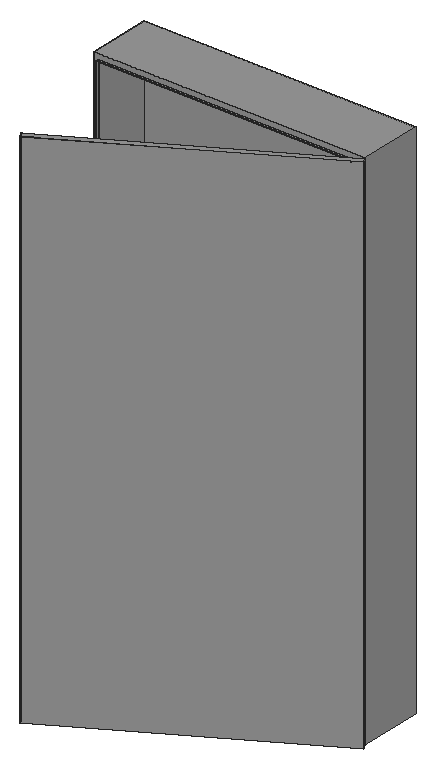
Revit family "Hager-Univers-IP44-D205-H1550-Cl.II-Encl-NoHosted-ES-es", category Electrical Equipment, Revit 2020
Family settings
  Panel Configuration = Two Columns, Circuits Across
  Round Connector Dimension = Use Diameter
  Part Type = Panelboard
  Work Plane-Based = Yes
  Always vertical = Yes
  Cut with Voids When Loaded = No
  Shared = No
  Room Calculation Point = No
Parameters (values of type "Montado superficial (escayola) IP44 A800 A1550 P205  - FP03SN2")
  Width Control [instance] = if([EF000008 - Anchura] > Min Width, [EF000008 - Anchura], Min Width)  # 800 mm
  Type Comments = [HG000003 - Gama]  # "Univers"
  Thickness Door [instance] = if([EF009171 - Espesor puerta/tapa] > 3 mm, 3 mm, [EF009171 - Espesor puerta/tapa])  # 1 mm
  Seal Frame Offset [instance] = 17 mm  # constant formula
  Plinth Visibility [instance] = [HG000027 - Altura de zócalo] > 0 mm  # no
  Min Width [instance] = 100 mm  # constant formula
  Min Depth [instance] = (2 * [EF009170 - Espesor del material de la caja]) + 1 mm  # 3 mm
  Min Height [instance] = 100 mm  # constant formula
  Internal Frame Depth [instance] = (Door System Depth * 0.5)  # 9 mm
  Panel Name [instance] = ""  # (empty or 0)
  Model = ""
  HG000027 - Altura de zócalo = 0 mm
  HG000026 - Instalación en suelo = no
  HG000024 - Altura de la sección inferior = 600 mm
  HG000023 - Caja de doble sección = no
  HG000016 - Visibilidad de la puerta 3D [instance] = yes
  HG000015 - Visibilidad a través de la puerta [instance] = no
  HG000014 - Puerta a la derecha [instance] = yes
  HG000013 - Puerta a la izquierda [instance] = not([HG000014 - Puerta a la derecha])  # no
  HG000012 - Ángulo de giro de la puerta [instance] = 30.00°
  HG000010 - Puertas asimétricas = no
  HG000009 - Puerta batiente doble = no
  HG000006 - Empotrado = no
  HG000004 - Referencia del fabricante = "FP03SN2"
  HG000003 - Gama = "Univers"
  HG000002 - Con puerta o tapa = yes
  Frame Offset Bottom [instance] = 10 mm  # constant formula
  Frame Offset [instance] = 15 mm  # constant formula
  EF015940 - Tapa con alivio de sobrepresión = no
  EF011959 - Grado de protección (NEMA) = ""
  EF009554 - Número de aberturas para placas-brida = 6
  EF009212 - Versión de la cubierta = "EV000116 - Cerrado"
  EF009171 - Espesor puerta/tapa = 1 mm
  EF009170 - Espesor del material de la caja = 1 mm
  EF008873 - Corriente nominal (In) = 250 A
  EF007800 - Adecuado para la protección contra rayos = no
  EF006306 - Con cierre = no
  EF006244 - Tapa/puerta transparente = no
  EF005474 - Grado de protección (IP) = "EV006418 - IP44"
  EF004464 - Tipo de puerta = "EV002646 - Único"
  EF004427 - Número de módulos = 360
  EF004293 - Resistencia al impacto (IK) = "EV006815 - IK09"
  EF003532 - Adecuado para uso en exteriores = no
  EF002950 - Anchura de unidades de división = 36
  EF001613 - Integridad del circuito = "EV000494 - Ninguno"
  EF001596 - Material de la carcasa = "EV000179 - Acero"
  EF001131 - Profundidad interna = 143 mm
  EF001088 - Posibilidad de extensión = yes
  EF000437 - Número de entradas de conductos de cables = 6
  EF000339 - Tipo de cubierta = "EV001012 - Cubrir"
  EF000266 - Número de filas = 10
  EF000218 - Profundidad de instalación = 205 mm
  EF000118 - Con placa de montaje = no
  EF000116 - Número RAL = "9010"
  EF000049 - Profundidad = 205 mm
  EF000040 - Altura = 1550 mm
  EF000008 - Anchura = 800 mm
  EF000007 - Color = "EV000202 - Blanco"
  EF000003 - Tipo de montaje = "EV000384 - Montado superficial (escayola)"
  Door System Leaf Tolerance [instance] = 1.5 mm  # constant formula
  Door System Depth [instance] = 18 mm  # constant formula
  Door Height [instance] = Height Control - [HG000027 - Altura de zócalo]  # 1550 mm
  Description = ""
  Default Elevation = 1219.2 mm
  Connector Offset [instance] = Height Control / 2  # 775 mm
  Manufacturer = "Hager"  # constant formula
  Height Control [instance] = if([EF000040 - Altura] > Min Height, [EF000040 - Altura], Min Height)  # 1550 mm
  Depth Control [instance] = if([EF000049 - Profundidad] > Min Depth, [EF000049 - Profundidad], Min Depth)  # 205 mm
  Bottom Top Plate Trim [instance] = 1.5 mm  # constant formula
  Plinth height Ctrl [instance] = if([HG000027 - Altura de zócalo] > 0 mm, [HG000027 - Altura de zócalo], 12 mm)  # 12 mm
Types (5, lengths in mm): name | Width Control | HG000009 - Puerta batiente doble | HG000004 - Referencia del fabricante | EF009554 - Número de aberturas para placas-brida | EF008873 - Corriente nominal (In) | EF004464 - Tipo de puerta | EF004427 - Número de módulos | EF002950 - Anchura de unidades de división | EF001131 - Profundidad interna | EF000437 - Número de entradas de conductos de cables | EF000008 - Anchura
  Montado superficial (escayola) IP44 A1050 A1550 P205  - FP04SN2 | 1050 | yes | "FP04SN2" | 8 | 400 A | "EV003602 - Doble" | 480 | 48 | 143 | 8 | 1050
  Montado superficial (escayola) IP44 A1300 A1550 P205  - FP05SN2 | 1300 | yes | "FP05SN2" | 10 | 400 A | "EV003602 - Doble" | 600 | 60 | 143 | 10 | 1300
  Montado superficial (escayola) IP44 A300 A1550 P205  - FP01SN2 | 300 | no | "FP01SN2" | 2 | 250 A | "EV002646 - Único" | 120 | 12 | 130 | 2 | 300
  Montado superficial (escayola) IP44 A550 A1550 P205  - FP02SN2 | 550 | no | "FP02SN2" | 4 | 250 A | "EV002646 - Único" | 240 | 24 | 143 | 4 | 550
  Montado superficial (escayola) IP44 A800 A1550 P205  - FP03SN2 | 800 | no | "FP03SN2" | 6 | 250 A | "EV002646 - Único" | 360 | 36 | 143 | 6 | 800
Reference planes
  plane 1 "Center (Front/Back)": y = 0
  plane 2: z = 0
  plane 3 "Center (Left/Right)": x = 0
  plane 4: y = 0
  plane 5: y = 0
  plane 6: z = 0
  plane 7: x = -400
  plane 8: x = 400
  plane 9: x = 399
  plane 10: x = -399
  plane 11: z = 0
  plane 12: z = 1
  plane 13: y = -205
  plane 14: y = -1
  plane 15: x = 0
  plane 16: y = -187
  plane 17: y = -204
  plane 18: y = -186
  plane 19: x = -384
  plane 20: x = 384
  plane 21: z = 11
  plane 22: x = -383
  plane 23: x = 383
  plane 24: z = 0
  plane 25: z = 1550
  plane 26: z = 1550
  plane 27: z = 1534
  plane 28: z = 1549
Forms (mm)
  Extrusion 1, solid, material "Hager_Steel_RAL7035_Light_Grey", detail levels medium+fine
    sketch origin (-208.679, -4572, 0) x (-1, 0, 0) y (0, -1, 0)
      loop
        line (191.321, -4385) -> (-608.679, -4385) -> (-608.679, -4572) -> (191.321, -4572) -> (191.321, -4385)
    from 0 to 1550
  Extrusion 2, void
    sketch origin (-350.771, -205, 1219.2) x (1, 0, 0) y (0, 0, 1)
      loop
        line (-48.229, 329.8) -> (-48.229, -1218.2) -> (749.771, -1218.2) -> (749.771, 329.8) -> (-48.229, 329.8)
    from -19 to -204
  Extrusion 3, void
    sketch origin (-290.084, -187, 1219.2) x (1, 0, 0) y (0, 0, 1)
      loop
        line (-93.916, -1208.2) -> (674.084, -1208.2) -> (674.084, 314.8) -> (-93.916, 314.8) -> (-93.916, -1208.2)
    from 0 to -1
  Extrusion 4, solid, material "Hager_Steel_RAL7035_Light_Grey", visible <- "Plinth Visibility", detail levels medium+fine
    sketch origin (0, 0, 0) x (1, 0, 0) y (0, 1, 0)
      loop
        line (-400, 0) -> (-400, -187) -> (400, -187) -> (400, 0) -> (-400, 0)
    from 0 to 12 <- "Plinth height Ctrl"
  Extrusion 5, solid, material "Hager_Steel_RAL7035_Light_Grey", detail levels coarse
    sketch origin (0, 0, 0) x (1, 0, 0) y (0, 1, 0)
      loop
        line (-400, 0) -> (-400, -205) -> (400, -205) -> (400, 0) -> (-400, 0)
    from 0 to 1550 <- "Height Control"
  Sweep 6, void
    path in 3D
      loop
        line (-400, -187, 12) -> (400, -187, 12) -> (400, 0, 12) -> (-400, 0, 12) -> (-400, -187, 12)
    profile origin (-400, -93.5, 12) x (1, 0, 0) y (0, 0, 1)
      loop
        line (0, 0) -> (0, -1.5) -> (1.5, -1.5)
        arc (1.5, -1.5) -> (1.061, -0.439) -> (0, 0) r 1.5
  Extrusion 7, solid, material "Hager_Steel_RAL7035_Light_Grey", detail levels fine
    sketch origin (-400, -187, 0) x (1, 0, 0) y (0, 0, 1)
      loop
        line (16, 11) -> (784, 11) -> (784, 1534) -> (16, 1534) -> (16, 11)
      loop
        line (15, 10) -> (785, 10) -> (785, 1535) -> (15, 1535) -> (15, 10)
    from 0 to 9 <- "Internal Frame Depth"
Cuts and joins
  Extrusion 2, Extrusion 3 cuts Extrusion 1
  Sweep 6 cuts Extrusion 4
Lines and regions (mm)
  Masking region 1
    outline origin (0, 0, 0) x (1, 0, 0) y (0, 1, 0)
      loop
        line (-400, 0) -> (-400, -205) -> (400, -205) -> (400, 0) -> (-400, 0)
  Masking region 2, detail levels coarse
    outline origin (-290.084, -187, 1219.2) x (-1, 0, 0) y (0, 0, 1)
      loop
        line (-690.084, -1219.2) -> (109.916, -1219.2) -> (109.916, 330.8) -> (-690.084, 330.8) -> (-690.084, -1219.2)
  Masking region 3, detail levels coarse
    outline origin (0, 0, 0) x (0, 1, 0) y (0, 0, 1)
      loop
        line (0, 0) -> (0, 1550) -> (-205, 1550) -> (-205, 0) -> (0, 0)
  Masking region 4, visible <- "Plinth Visibility", detail levels medium+fine
    outline origin (0, 0, 0) x (0, 1, 0) y (0, 0, 1)
      loop
        line (-1.5, 12) -> (-185.5, 12)
        arc (-185.5, 12) -> (-185.939, 10.939) -> (-187, 10.5) r 1.5
        line (-187, 10.5) -> (-187, 0) -> (0, 0) -> (0, 10.5)
        arc (0, 10.5) -> (-1.061, 10.939) -> (-1.5, 12) r 1.5
  Masking region 5, detail levels medium+fine
    outline origin (0, 0, 594.038) x (0, 1, 0) y (0, 0, 1)
      loop
        line (0, -594.038) -> (0, 955.962) -> (-187, 955.962) -> (-187, -594.038) -> (0, -594.038)
  Masking region 6, detail levels medium+fine
    outline origin (-359.7, -187, 1211.883) x (-1, 0, 0) y (0, 0, 1)
      loop
        line (-759.7, -1211.883) -> (40.3, -1211.883) -> (40.3, 338.117) -> (-759.7, 338.117) -> (-759.7, -1211.883)
  Masking region 7, visible <- "Plinth Visibility", detail levels medium+fine
    outline origin (-320.334, -187, 1041.368) x (-1, 0, 0) y (0, 0, 1)
      loop
        line (-720.334, -1041.368) -> (79.666, -1041.368) -> (79.666, -1030.868)
        arc (79.666, -1030.868) -> (78.606, -1030.429) -> (78.166, -1029.368) r 1.5
        line (78.166, -1029.368) -> (-718.834, -1029.368)
        arc (-718.834, -1029.368) -> (-719.273, -1030.429) -> (-720.334, -1030.868) r 1.5
        line (-720.334, -1030.868) -> (-720.334, -1041.368)
  sketch lines
    curve 1: line (-400, 0, 12) -> (-400, -187, 12)
    curve 2: line (-400, -187, 12) -> (400, -187, 12)
    curve 3: line (400, 0, 12) -> (-400, 0, 12)
    curve 4: line (400, -187, 12) -> (400, 0, 12)
Dimensions and locks
  locked: plane 1 "Center (Front/Back)" to plane 5
  "EF009170 - Espesor del material de la caja": plane 7 to plane 10
  "EF009170 - Espesor del material de la caja": plane 8 to plane 9
  equal spacing: plane 7, plane 3 "Center (Left/Right)", plane 8
  "Width Control": plane 7 to plane 8
  "Depth Control": plane 4 to plane 13
  "EF009170 - Espesor del material de la caja": plane 4 to plane 14
  "Height Control": plane 25 to level
  "HG000027 - Altura de zócalo": plane 11 to level
  "EF009170 - Espesor del material de la caja": plane 12 to plane 11
  "EF009170 - Espesor del material de la caja": plane 17 to plane 13
  "EF009170 - Espesor del material de la caja": plane 18 to plane 16
  "Frame Offset Bottom": plane 21 to plane 12
  "Frame Offset": plane 10 to plane 19
  "Frame Offset": plane 9 to plane 20
  "Door System Depth": plane 16 to plane 13
  "Seal Frame Offset": plane 7 to plane 22
  "Seal Frame Offset": plane 8 to plane 23
  "EF009170 - Espesor del material de la caja": plane 26 to plane 28
  "Frame Offset": plane 28 to plane 27
  "Connector Offset": plane 2 to connector elem
  "Bottom Top Plate Trim": profile plane to Sweep 6 sketch curve
  "Bottom Top Plate Trim": Sweep 6 sketch curve to Sweep 6 sketch curve
  "Plinth height Ctrl": Masking region 4 sketch curve to level
  "Plinth height Ctrl": Masking region 7 sketch curve to level
  "Thickness Door": Extrusion 7 sketch curve to Extrusion 7 sketch curve  (x4)
  "Bottom Top Plate Trim": radius of Sweep 6 sketch curve
  "Bottom Top Plate Trim": radius of Masking region 4 sketch curve  (x2)
  "Bottom Top Plate Trim": radius of Masking region 7 sketch curve  (x2)
  aligned and locked: Extrusion 2 sketch curve to plane 12
  aligned and locked: Extrusion 2 sketch curve to plane 9
  aligned and locked: Extrusion 2 sketch curve to plane 10
  aligned and locked: Extrusion 2 to plane 14
  aligned and locked: Extrusion 1 sketch curve to plane 4
  aligned and locked: plane 8 to Extrusion 1 sketch curve
  aligned and locked: plane 7 to Extrusion 1 sketch curve
  aligned and locked: Extrusion 2 to plane 18
  aligned and locked: Extrusion 3 sketch curve to plane 19
  aligned and locked: plane 20 to Extrusion 3 sketch curve
  aligned and locked: Extrusion 3 to Extrusion 2
  aligned and locked: Extrusion 3 sketch curve to plane 21
  aligned and locked: plane 3 "Center (Left/Right)" to nested 1
  aligned and locked: Extrusion 1 sketch curve to plane 16
  aligned and locked: Extrusion 4 sketch curve to cut or joined group of Extrusion 1, Extrusion 2, Extrusion 3
  aligned and locked: Masking region 1 sketch curve to plane 7
  aligned and locked: Masking region 1 sketch curve to plane 5
  aligned and locked: Masking region 1 sketch curve to plane 8
  aligned and locked: Masking region 2 sketch curve to level
  aligned and locked: level to Masking region 3 sketch curve
  aligned and locked: plane 1 "Center (Front/Back)" to Masking region 3 sketch curve
  aligned and locked: plane 13 to Masking region 3 sketch curve
  aligned and locked: plane 5 to Masking region 4 sketch curve
  aligned and locked: Masking region 2 sketch curve to plane 8
  aligned and locked: Masking region 2 sketch curve to plane 7
  aligned and locked: plane 7 to nested 2
  aligned and locked: nested 2 to plane 5
  aligned and locked: plane 5 to Masking region 5 sketch curve
  aligned and locked: plane 26 to Masking region 5 sketch curve
  aligned and locked: Extrusion 5 sketch curve to plane 8
  aligned and locked: Extrusion 5 sketch curve to plane 7
  aligned and locked: Extrusion 5 sketch curve to plane 5
  aligned and locked: Extrusion 3 sketch curve to plane 27
  aligned and locked: Extrusion 2 sketch curve to plane 28
  aligned and locked: Masking region 2 to plane 25
  aligned and locked: Extrusion 4 to plane 16
  aligned and locked: profile plane to Sweep 6 sketch curve
  aligned and locked: Masking region 5 sketch curve to plane 24
  aligned and locked: level to Masking region 4 sketch curve
  aligned and locked: Masking region 1 to plane 13
  aligned and locked: nested 1 to plane 16
  aligned and locked: Masking region 3 to plane 25
  aligned and locked: plane 16 to Masking region 4 sketch curve
  aligned and locked: Masking region 5 sketch curve to plane 16
  aligned and locked: plane 24 to plane 11
  aligned and locked: plane 26 to plane 25
  aligned and locked: plane 26 to cut or joined group of Extrusion 1, Extrusion 2, Extrusion 3
  aligned and locked: nested 1 to plane 24
  aligned and locked: Extrusion 1 to Extrusion 3
  aligned and locked: Masking region 6 sketch curve to plane 8
  aligned and locked: Masking region 6 sketch curve to plane 24
  aligned and locked: Masking region 6 sketch curve to plane 7
  aligned and locked: Masking region 6 sketch curve to plane 26
  aligned and locked: Masking region 7 sketch curve to plane 7
  aligned and locked: level to Masking region 7 sketch curve
  aligned and locked: Masking region 7 sketch curve to plane 8
  aligned and locked: Extrusion 7 sketch curve to cut or joined group of Extrusion 1, Extrusion 2, Extrusion 3  (x4)
Automatic sketch dimensions
  plane 19 to Extrusion 3 sketch curve = 0 mm
  Extrusion 3 sketch curve to plane 20 = 0 mm
  Extrusion 3 sketch curve to plane 21 = 0 mm
  Extrusion 4 sketch curve to plane 7 = 0 mm
  Extrusion 4 sketch curve to plane 8 = 0 mm
  Extrusion 4 sketch curve to plane 16 = 0 mm
  Masking region 1 sketch curve to plane 13 = 0 mm
  Masking region 2 sketch curve to plane 25 = 0 mm
  Masking region 3 sketch curve to plane 25 = 0 mm
  Extrusion 5 sketch curve to plane 13 = 0 mm
  profile plane to Sweep 6 sketch curve = 0 mm
Nested families
  nested 1: "EC000058_Univers_Door" at (0, -187, 0), Double <- "HG000009 - Puerta batiente doble", Transparent <- "EF006244 - Tapa/puerta transparente", Angle <- "HG000012 - Ángulo de giro de la puerta", Door_Right <- "HG000014 - Puerta a la derecha", Assymetrical <- "HG000010 - Puertas asimétricas", Door <- "HG000002 - Con puerta o tapa", Width_Ctrl <- "Width Control", 3d_Door <- "HG000016 - Visibilidad de la puerta 3D", Clearance <- "HG000015 - Visibilidad a través de la puerta", Door_Left <- "HG000013 - Puerta a la izquierda", Width <- "Width Control", Door_Depth <- "Door System Depth", Leaf_Tolerance <- "Door System Leaf Tolerance", Height <- "Door Height", Lock_Visibility <- "EF006306 - Con cierre", Thickness <- "Thickness Door", type "EC000058_Univers_Door", detail levels medium+fine
    with min_wh 3 mm, Width_Ctrl 800 mm, Width 800 mm, Transparent no, Thickness 1 mm, Seal_Material Hager_Rubber, Lock_Visibility no, Lock_Material Hager_Plastic_RAL9005_Jet_Black, Leaf_Width 800 mm, Leaf_Tolerance_External_Sides 0 mm, Leaf_Tolerance 1.5 mm, Leaf_Offset 0 mm, Leaf_Height 1547 mm, Leaf_2_Width 800 mm, Leaf_2_Offset 400 mm, Leaf_1_Width 800 mm, Leaf_1_Offset 400 mm, Height_Ctrl 1550 mm, Height 1550 mm, Glass_Material Hager_Glass, Double_Clearance_Ctrl no, Double no, Door_Right_Ctrl yes, Door_Right yes, Door_Material Hager_Steel_RAL7035_Light_Grey, Door_Left_Ctrl no, Door_Left no, Door_Depth 18 mm, Door yes, Clearance_Material Hager_Clearance, Clearance_Depth 800 mm, Clearance_Ctrl no, Clearance no, Assymetrical no, Angle 30.00°, 3d_Door yes
  nested 2: "Hager_Enclosure_Symbol" at (-400, 0, 0), Height <- "Depth Control", Width <- "Width Control", type "Hager_Enclosure_Symbol"
    with Width_Ctrl 800 mm, Width 800 mm, Height_Ctrl 205 mm, Height 205 mm, A_Width_Int 13.453 mm, A_Width 161.438 mm, A_Height_Ctrl 179.375 mm, A_Height 179.375 mm
Connectors
  electrical at (0, 0, 775)
    settings: on plane 1 "Center (Front/Back)", index 1, voltage 0 V, apparent load 0 VA, apparent load phase1 0 VA, apparent load phase2 0 VA, apparent load phase3 0 VA, power factor 1, load classification "Other", number of poles 1, system type 30, power factor state 1, is connector primary yes, connector utility no, sub classification motor no, connector description ""
Definition of nested family "EC000058_Univers_Door"
  Parameters (values of type "EC000058_Univers_Door")
    min_wh [instance] = (2 * Thickness) + 1 mm  # 11 mm
    Width_Ctrl [instance] = 400 mm
    Width [instance] = 500 mm
    Transparent [instance] = yes
    Thickness [instance] = 5 mm
    Seal_Material [instance] = none
    Lock_Visibility [instance] = yes
    Lock_Material [instance] = none
    Leaf_Width [instance] = if((Width_Ctrl - 2 * Leaf_Tolerance_External_Sides) > 0 mm, (Width_Ctrl - 2 * Leaf_Tolerance_External_Sides), min_wh)  # 400 mm
    Leaf_Tolerance_External_Sides [instance] = 0 mm  # constant formula
    Leaf_Tolerance [instance] = 1.5 mm
    Leaf_Offset [instance] = 0 mm  # constant formula
    Leaf_Height [instance] = if((Height_Ctrl - 2 * Leaf_Tolerance) > 0 mm, (Height_Ctrl - 2 * Leaf_Tolerance), min_wh)  # 497 mm
    Leaf_2_Width [instance] = if(and(and(Double, Assymetrical), Door_Left), (Leaf_Width / 3) - (Leaf_Tolerance / 2), if(and(and(Double, Assymetrical), Door_Right), (Leaf_Width / 3) * 2 - (Leaf_Tolerance / 2), if(and(Double, not(Assymetrical)), (Leaf_Width / 2) - Leaf_Tolerance, Leaf_Width)))  # 400 mm
    Leaf_2_Offset [instance] = if(and(Double, Assymetrical), Leaf_2_Width / 2, if(and(Double, not(Assymetrical)), Leaf_Width / 4, Leaf_Width / 2))  # 200 mm
    Leaf_1_Width [instance] = if(and(and(Double, Assymetrical), Door_Right), (Leaf_Width / 3) - (Leaf_Tolerance / 2), if(and(and(Double, Assymetrical), Door_Left), (Width / 3) * 2 - (Leaf_Tolerance / 2), if(and(Double, not(Assymetrical)), (Leaf_Width / 2) - Leaf_Tolerance, Leaf_Width)))  # 400 mm
    Leaf_1_Offset [instance] = if(and(Double, Assymetrical), Leaf_1_Width / 2, if(and(Double, not(Assymetrical)), Leaf_Width / 4, Leaf_Width / 2))  # 200 mm
    Height_Ctrl [instance] = if(Height > min_wh, Height, min_wh)  # 500 mm
    Height [instance] = 500 mm
    Glass_Material [instance] = none
    Double_Clearance_Ctrl [instance] = and(Double, Clearance)  # no
    Double [instance] = no
    Door_Right_Ctrl [instance] = and(or(Door_Right, Double), Door)  # yes
    Door_Right [instance] = yes
    Door_Material [instance] = none
    Door_Left_Ctrl [instance] = and(or(Door_Left, Double), Door)  # no
    Door_Left [instance] = no
    Door_Depth [instance] = 30 mm
    Door [instance] = yes
    Default Elevation = 1219.2 mm
    Clearance_Material [instance] = none
    Clearance_Depth [instance] = if(Leaf_1_Width > Leaf_2_Width, Leaf_1_Width, Leaf_2_Width)  # 400 mm
    Clearance_Ctrl [instance] = and(not(Double), Clearance)  # yes
    Clearance [instance] = yes
    Assymetrical [instance] = yes
    Angle [instance] = 30.00°
    3d_Door [instance] = yes
  Reference planes
    plane 1 "Center (Front/Back)": y = 0
    plane 2 "Bottom": z = 0
    plane 3 "Center (Left/Right)": x = 0
    plane 4: z = 500
    plane 5: x = -200
    plane 6: x = 200
    plane 7: z = 500
    plane 8: x = -200
    plane 9: z = 0
    plane 10: x = 200
    plane 11: y = 0
    plane 12: z = 1.5
    plane 13: x = -600
    plane 14: y = -400
    plane 15: x = 600
    plane 16: x = 0
    plane 17: x = 0
    plane 18: x = -200
    plane 19: x = 200
    plane 20: z = 498.5
  Forms (mm)
    Extrusion 1, solid, material <- "Clearance_Material", visible <- "Double_Clearance_Ctrl"
      sketch origin (1200, 0, 0) x (1, 0, 0) y (0, 0, -1)
        loop
          line (-1800, -498.5) -> (-600, -498.5) -> (-600, 0) -> (-1800, 0) -> (-1800, -498.5)
      from 0 to -400
  Dimensions and locks
    equal spacing: plane 5, plane 3 "Center (Left/Right)", plane 6
    "Width_Ctrl": plane 5 to plane 6
    "Leaf_Offset": plane 5 to plane 8
    "Leaf_Offset": plane 6 to plane 10
    "Leaf_Offset": plane 9 to level
    "Leaf_Offset": plane 4 to plane 7
    "Height_Ctrl": plane 4 to level
    "Leaf_Tolerance": plane 12 to plane 9
    locked: plane 11 to plane 1 "Center (Front/Back)"
    "Leaf_1_Offset": plane 18 to plane 16
    "Leaf_2_Offset": plane 17 to plane 19
    "Leaf_1_Width": plane 13 to plane 8
    "Leaf_2_Width": plane 10 to plane 15
    "Clearance_Depth": plane 14 to plane 1 "Center (Front/Back)"
    "Leaf_Tolerance_External_Sides": plane 8 to plane 18
    "Leaf_Tolerance_External_Sides": plane 19 to plane 10
    "Leaf_Tolerance": plane 7 to plane 20
    aligned and locked: level to plane 2 "Bottom"
    aligned and locked: nested 1 to plane 16
    aligned and locked: nested 2 to plane 17
    aligned and locked: Extrusion 1 to plane 13
    aligned and locked: plane 15 to Extrusion 1
    aligned and locked: Extrusion 1 to plane 14
    aligned and locked: plane 12 to nested 1
    aligned and locked: nested 2 to plane 12
    aligned and locked: Extrusion 1 to plane 11
    aligned and locked: plane 20 to Extrusion 1
    aligned and locked: nested 2 to plane 11
    aligned and locked: nested 1 to plane 11
  Automatic sketch dimensions
    Extrusion 1 sketch curve to level = 0 mm
    plane 5 to Extrusion 1 sketch curve = 400 mm
    plane 6 to Extrusion 1 sketch curve = 400 mm
    Extrusion 1 sketch curve to plane 4 = 1.5 mm
  Nested families
    nested 1: "EC000058_Univers_Door_Leaf" at (0, 0, 1.5), Width <- "Leaf_1_Width", visible <- "Door_Left_Ctrl", Leaf_Height <- "Leaf_Height", Angle <- "Angle", 3d_Door <- "3d_Door", Transparent <- "Transparent", Clearance Material <- "Clearance_Material", Clearance <- "Clearance_Ctrl", Door_Material <- "Door_Material", Glass_Material <- "Glass_Material", Door_Depth <- "Door_Depth", Lock_Material <- "Lock_Material", Seal_Material <- "Seal_Material", Lock_Visibility <- "Lock_Visibility", Thickness <- "Thickness", type "EC000058_Univers_Door_Leaf"
      with Width 400 mm, Transparent_Glass_Offset 30 mm, Transparent_Ctrl yes, Transparent yes, Thickness 5 mm, Standard no, Seal_Material none, Seal_D2 8 mm, Seal_D1 1 mm, Offset_Internal_Frame 10 mm, Lock_Width 20 mm, Lock_Visibility_3d yes, Lock_Visibility yes, Lock_Thickness_3 3 mm, Lock_Thickness_2 1 mm, Lock_Thickness_1 3 mm, Lock_Radius_Offset_2 16 mm, Lock_Radius_Offset_1 15 mm, Lock_Radius_2 5 mm, Lock_Radius 6 mm, Lock_Offset 5 mm, Lock_Material none, Lock_Height 80 mm, Lock_Cover_Top_Offset_2d 17 mm, Lock_Cover_Height -65 mm, Leaf_Height 497 mm, Internal_Seal_Thickness 8 mm, Internal_Seal_Depth_2 4.5 mm, Internal_Frame_Depth 25 mm, Glass_Thickness -1 mm, Glass_Offset -2 mm, Glass_Material none, Door_Material none, Door_Depth 30 mm, Clearance Material none, Clearance yes, Angle_Ctrl 30.00°, Angle 30.00°, 3d_Door yes
    nested 2: "EC000058_Univers_Door_Leaf" at (0, 0, 1.5) x (-1, 0, 0) z (0, 0, 1), Width <- "Leaf_2_Width", visible <- "Door_Right_Ctrl", Leaf_Height <- "Leaf_Height", Angle <- "Angle", 3d_Door <- "3d_Door", Transparent <- "Transparent", Clearance Material <- "Clearance_Material", Clearance <- "Clearance_Ctrl", Door_Material <- "Door_Material", Glass_Material <- "Glass_Material", Door_Depth <- "Door_Depth", Lock_Material <- "Lock_Material", Seal_Material <- "Seal_Material", Lock_Visibility <- "Lock_Visibility", Thickness <- "Thickness", type "EC000058_Univers_Door_Leaf"
      with Width 400 mm, Transparent_Glass_Offset 30 mm, Transparent_Ctrl yes, Transparent yes, Thickness 5 mm, Standard no, Seal_Material none, Seal_D2 8 mm, Seal_D1 1 mm, Offset_Internal_Frame 10 mm, Lock_Width 20 mm, Lock_Visibility_3d yes, Lock_Visibility yes, Lock_Thickness_3 3 mm, Lock_Thickness_2 1 mm, Lock_Thickness_1 3 mm, Lock_Radius_Offset_2 16 mm, Lock_Radius_Offset_1 15 mm, Lock_Radius_2 5 mm, Lock_Radius 6 mm, Lock_Offset 5 mm, Lock_Material none, Lock_Height 80 mm, Lock_Cover_Top_Offset_2d 17 mm, Lock_Cover_Height -65 mm, Leaf_Height 497 mm, Internal_Seal_Thickness 8 mm, Internal_Seal_Depth_2 4.5 mm, Internal_Frame_Depth 25 mm, Glass_Thickness -1 mm, Glass_Offset -2 mm, Glass_Material none, Door_Material none, Door_Depth 30 mm, Clearance Material none, Clearance yes, Angle_Ctrl 30.00°, Angle 30.00°, 3d_Door yes
  Definition of nested family "EC000058_Univers_Door_Leaf"
    Parameters (values of type "EC000058_Univers_Door_Leaf")
      Width [instance] = 2000 mm
      Transparent_Glass_Offset [instance] = 30 mm
      Transparent_Ctrl [instance] = and(Transparent, [3d_Door])  # yes
      Transparent [instance] = yes
      Thickness [instance] = 5 mm
      Standard [instance] = and(not(Transparent), [3d_Door])  # no
      Seal_Material [instance] = none
      Seal_D2 [instance] = 8 mm  # constant formula
      Seal_D1 [instance] = 1 mm  # constant formula
      Offset_Internal_Frame [instance] = 10 mm  # constant formula
      Lock_Width [instance] = 20 mm  # constant formula
      Lock_Visibility_3d [instance] = and(Lock_Visibility, [3d_Door])  # yes
      Lock_Visibility [instance] = yes
      Lock_Thickness_3 [instance] = 3 mm  # constant formula
      Lock_Thickness_2 [instance] = 1 mm  # constant formula
      Lock_Thickness_1 [instance] = 3 mm  # constant formula
      Lock_Radius_Offset_2 [instance] = Lock_Radius_Offset_1 + 1 mm  # 16 mm
      Lock_Radius_Offset_1 [instance] = 15 mm  # constant formula
      Lock_Radius_2 [instance] = Lock_Radius - 1 mm  # 5 mm
      Lock_Radius [instance] = 6 mm  # constant formula
      Lock_Offset [instance] = 5 mm  # constant formula
      Lock_Material [instance] = none
      Lock_Height [instance] = 80 mm  # constant formula
      Lock_Cover_Top_Offset_2d [instance] = Lock_Radius_Offset_2 + 1 mm  # 17 mm
      Lock_Cover_Height [instance] = -(Lock_Height - Lock_Radius_Offset_1)  # -65 mm
      Leaf_Height [instance] = 2720.336 mm
      Internal_Seal_Thickness [instance] = 8 mm  # constant formula
      Internal_Seal_Depth_2 [instance] = 4.5 mm  # constant formula
      Internal_Frame_Depth [instance] = if(Door_Depth - Thickness > 5 mm, Door_Depth - Thickness, 5 mm)  # 25 mm
      Glass_Thickness [instance] = if(Thickness > 15 mm, Glass_Offset + 10 mm, -1 mm)  # -1 mm
      Glass_Offset [instance] = if(Thickness > 15 mm, -(Thickness + 10 mm) / 2, -2 mm)  # -2 mm
      Glass_Material [instance] = none
      Door_Material [instance] = none
      Door_Depth [instance] = 30 mm
      Default Elevation = 0 mm
      Clearance Material [instance] = none
      Clearance [instance] = yes
      Angle_Ctrl [instance] = if(Angle > 180.00°, 180.00°, Angle)  # 90.00°
      Angle [instance] = 90.00°
      3d_Door [instance] = yes
    Reference planes
      plane 1 "Center (Front/Back)": y = 0
      plane 2: z = 0
      plane 3 "Center (Left/Right)": x = 0
      plane 4: y = 2000
      plane 5: x = -1000
      plane 6: x = 1000
      plane 7: x = -3000
      plane 8: z = 2720.336
      plane 9: z = 30
      plane 10: z = 2690.336
      plane 11: x = 970
      plane 12: x = -970
      plane 13: y = -3
      plane 14: z = 107.833
      plane 15: y = -5
      plane 16: y = -223.314
      plane 17: x = -1000
      plane 18: z = 1360.168
      plane 19: y = 30
    Forms (mm)
      Extrusion 1, solid, material <- "Clearance Material", visible <- "Clearance"
        sketch origin (0, 0, 0) x (1, 0, 0) y (0, 0, 1)
          loop
            line (-3000, 2720.336) -> (-3000, 0) -> (1000, 0) -> (1000, 2720.336) -> (-3000, 2720.336)
        from 0 to -2000
      Extrusion 2, solid, material <- "Door_Material", visible <- "Standard", detail levels medium+fine
        sketch origin (-1000, 0, 0) x (0, 1, 0) y (-1, 0, 0)
          loop
            line (0, 30) -> (0, 25) -> (2000, 25) -> (2000, 30) -> (0, 30)
        from 0 to 2720.336 <- "Leaf_Height"
      Extrusion 3, solid, material <- "Door_Material", visible <- "Transparent_Ctrl", detail levels medium+fine
        sketch origin (-1000, 0, 0) x (0, 1, 0) y (-1, 0, 0)
          loop
            line (0, 25) -> (2000, 25) -> (2000, 30) -> (0, 30) -> (0, 25)
        from 0 to 2720.336 <- "Leaf_Height"
      Extrusion 4, void
        sketch origin (-1025, 2000, 0) x (0, 1, 0) y (0, 0, -1)
          loop
            line (-30, -2690.336) -> (-30, -30) -> (-1970, -30) -> (-1970, -2690.336) -> (-30, -2690.336)
        from 0 to 5 <- "Thickness"
      Sweep 5, solid, material <- "Seal_Material", visible <- "Transparent_Ctrl", detail levels fine
        path in 3D
          loop
            line (-1025, 30, 30) -> (-1025, 30, 2690.336) -> (-1025, 1970, 2690.336) -> (-1025, 1970, 30) -> (-1025, 30, 30)
        profile origin (-1025, 1000, 30) x (1, 0, 0) y (0, 0, 1)
          loop
            line (0, 0) -> (0, -8) -> (1, -8) -> (1, 0) -> (0, 0)
      Extrusion 6, solid, material <- "Glass_Material", visible <- "Transparent_Ctrl", detail levels medium+fine
        sketch origin (-1030, 0, 0) x (0, 1, 0) y (0, 0, -1)
          loop
            line (1970, -2690.336) -> (1970, -30) -> (30, -30) -> (30, -2690.336) -> (1970, -2690.336)
        from -2 <- "Glass_Offset" to -1 <- "Glass_Thickness"
      Extrusion 7, solid, material <- "Door_Material", visible <- "3d_Door", detail levels medium+fine
        sketch origin (-1025, 2000, 0) x (0, -1, 0) y (0, 0, -1)
          loop
            line (0, -2720.336) -> (2000, -2720.336) -> (2000, 0) -> (0, 0) -> (0, -2720.336)
          loop
            line (1995, -5) -> (5, -5) -> (5, -2715.336) -> (1995, -2715.336) -> (1995, -5)
        from 0 to 25 <- "Internal_Frame_Depth"
      Sweep 8, solid, material <- "Seal_Material", visible <- "Transparent_Ctrl", detail levels fine
        path in 3D
          loop
            line (-1025, 0, 0) -> (-1025, 2000, 0) -> (-1025, 2000, 2720.336) -> (-1025, 0, 2720.336) -> (-1025, 0, 0)
        profile origin (-1025, 0, 1360.168) x (1, 0, 0) y (0, 1, 0)
          loop
            line (0, 10) -> (2.975, 10)
            arc (2.975, 10) -> (4.053, 10.447) -> (4.5, 11.525) r 1.525
            line (4.5, 11.525) -> (4.5, 16.527)
            arc (4.5, 16.527) -> (4.069, 17.569) -> (3.027, 18) r 1.473
            line (3.027, 18) -> (0, 18) -> (0, 10)
      Extrusion 9, solid, material <- "Lock_Material", visible <- "Lock_Visibility_3d", detail levels fine
        sketch origin (-1030, 0, 0) x (0, 1, 0) y (0, 0, -1)
          loop
            arc (1993.5, -1400.168) -> (1994.561, -1399.729) -> (1995, -1398.668) r 1.5
            line (1995, -1398.668) -> (1995, -1320.168) -> (1975, -1320.168) -> (1975, -1398.668)
            arc (1975, -1398.668) -> (1975.439, -1399.729) -> (1976.5, -1400.168) r 1.5
            line (1976.5, -1400.168) -> (1993.5, -1400.168)
        from 3 <- "Lock_Thickness_1" to 0
      Blend 10, solid, material <- "Lock_Material", visible <- "Lock_Visibility_3d", detail levels fine
        base sketch origin (-1033, 0, 0) x (0, 1, 0) y (0, 0, -1)
          loop
            line (1975, -1320.168) -> (1975, -1398.668)
            arc (1975, -1398.668) -> (1975.439, -1399.729) -> (1976.5, -1400.168) r 1.5
            line (1976.5, -1400.168) -> (1993.5, -1400.168)
            arc (1993.5, -1400.168) -> (1994.561, -1399.729) -> (1995, -1398.668) r 1.5
            line (1995, -1398.668) -> (1995, -1320.168) -> (1975, -1320.168)
        top sketch origin (-1033, 0, 0) x (0, 1, 0) y (0, 0, -1)
          loop
            line (1976, -1320.168) -> (1976, -1398.668)
            arc (1976, -1398.668) -> (1976.146, -1399.022) -> (1976.5, -1399.168) r 0.5
            line (1976.5, -1399.168) -> (1993.5, -1399.168)
            arc (1993.5, -1399.168) -> (1993.854, -1399.022) -> (1994, -1398.668) r 0.5
            line (1994, -1398.668) -> (1994, -1320.168) -> (1976, -1320.168)
        from 0 to 1 <- "Lock_Thickness_2"
      Blend 11, solid, material <- "Lock_Material", visible <- "Lock_Visibility_3d", detail levels fine
        base sketch origin (-1034, 0, 0) x (0, 1, 0) y (0, 0, -1)
          loop
            line (1978, -1320.168) -> (1978, -1384.168)
            arc (1978, -1384.168) -> (1985, -1391.168) -> (1992, -1384.168) r 7
            line (1992, -1384.168) -> (1992, -1320.168) -> (1978, -1320.168)
        top sketch origin (-1034, 0, 0) x (0, 1, 0) y (0, 0, -1)
          loop
            line (1991, -1320.168) -> (1979, -1320.168) -> (1979, -1383.168)
            arc (1979, -1383.168) -> (1985, -1389.168) -> (1991, -1383.168) r 6
            line (1991, -1383.168) -> (1991, -1320.168)
        from 0 to 3 <- "Lock_Thickness_3"
      Extrusion 12, solid, material <- "Lock_Material", visible <- "Lock_Visibility_3d", detail levels fine
        sketch origin (-1030, 1975, 1320.168) x (1, 0, 0) y (0, -1, 0)
          loop
            line (-7, -19) -> (-7, -1) -> (0, -1) -> (0, 0) -> (-8, 0) -> (-8, -20) -> (0, -20) -> (0, -19) -> (-7, -19)
        from 0 to -65 <- "Lock_Cover_Height"
      Extrusion 13, void
        sketch origin (-1038, 1995, 1320.168) x (-1, 0, 0) y (0, 0, -1)
          loop
            line (-5, -65) -> (0, -65) -> (-5, -60) -> (-5, -65)
        from 0 to 20 <- "Lock_Width"
      Extrusion 14, void
        sketch origin (-1038, 1975, 1320.168) x (0, -1, 0) y (0, 0, -1)
          loop
            circle (-10, -15.995) r 6
          loop
            circle (-10, -15.995) r 5
        from 0 to 2
      Extrusion 15, solid, material <- "Lock_Material", visible <- "Lock_Visibility_3d", detail levels medium
        sketch origin (-1030, 0, 0) x (0, 1, 0) y (0, 0, -1)
          loop
            arc (1993.5, -1400.168) -> (1994.561, -1399.729) -> (1995, -1398.668) r 1.5
            line (1995, -1398.668) -> (1995, -1320.168) -> (1975, -1320.168) -> (1975, -1398.668)
            arc (1975, -1398.668) -> (1975.439, -1399.729) -> (1976.5, -1400.168) r 1.5
            line (1976.5, -1400.168) -> (1993.5, -1400.168)
        from 8 to 0
    Cuts and joins
      Extrusion 4 cuts Extrusion 3
      Extrusion 13, Extrusion 14 cuts Extrusion 9
      Extrusion 14 cuts Blend 11
      Extrusion 13, Extrusion 14 cuts Extrusion 12
      joined: Extrusion 9, Blend 10, Blend 11, Extrusion 12
      Extrusion 14 cuts Extrusion 15
    Lines and regions (mm)
      Masking region 1, visible <- "Lock_Visibility", detail levels fine
        outline origin (0, 0, 0) x (0, 1, 0) y (0, 0, 1)
          loop
            line (30, 1320.168) -> (33, 1320.168) -> (33, 1400.168) -> (30, 1400.168) -> (30, 1320.168)
      Masking region 2, visible <- "Lock_Visibility", detail levels fine
        outline origin (0, 3.143, 0) x (0, 1, 0) y (0, 0, 1)
          loop
            line (29.857, 1354.168) -> (30.857, 1354.168) -> (30.857, 1366.168) -> (29.857, 1366.168) -> (29.857, 1354.168)
      Masking region 3, detail levels medium+fine
        outline origin (0, 0, 0) x (0, 1, 0) y (0, 0, 1)
          loop
            line (0, 0) -> (30, 0) -> (30, 2720.336) -> (0, 2720.336) -> (0, 0)
      Masking region 4, detail levels medium+fine
        outline origin (0, 0, 0) x (1, 0, 0) y (0, 0, 1)
          loop
            line (-1000, 2720.336) -> (-1000, 0) -> (1000, 0) -> (1000, 2720.336) -> (-1000, 2720.336)
      Masking region 5, visible <- "Lock_Visibility", detail levels fine
        outline origin (-47.116, 0, 0) x (1, 0, 0) y (0, 0, 1)
          loop
            arc (1024.616, 1399.168) -> (1023.556, 1398.729) -> (1023.116, 1397.668) r 1.5
            line (1023.116, 1397.668) -> (1023.116, 1320.168) -> (1041.116, 1320.168) -> (1041.116, 1397.668)
            arc (1041.116, 1397.668) -> (1040.677, 1398.729) -> (1039.616, 1399.168) r 1.5
            line (1039.616, 1399.168) -> (1024.616, 1399.168)
      Masking region 6, visible <- "Lock_Visibility", detail levels medium+fine
        outline origin (-25, 0, 0) x (1, 0, 0) y (0, 0, 1)
          loop
            arc (1001.5, 1400.168) -> (1000.439, 1399.729) -> (1000, 1398.668) r 1.5
            line (1000, 1398.668) -> (1000, 1320.168) -> (1020, 1320.168) -> (1020, 1398.668)
            arc (1020, 1398.668) -> (1019.561, 1399.729) -> (1018.5, 1400.168) r 1.5
            line (1018.5, 1400.168) -> (1001.5, 1400.168)
      Masking region 7, visible <- "Lock_Visibility", detail levels fine
        outline origin (-73.735, 0, 0) x (1, 0, 0) y (0, 0, 1)
          loop
            line (1051.735, 1382.168) -> (1065.735, 1382.168) -> (1065.735, 1384.168)
            arc (1065.735, 1384.168) -> (1058.735, 1391.168) -> (1051.735, 1384.168) r 7
            line (1051.735, 1384.168) -> (1051.735, 1382.168)
      Masking region 8, visible <- "Lock_Visibility", detail levels fine
        outline origin (-73.735, 0, 0) x (1, 0, 0) y (0, 0, 1)
          loop
            line (1052.735, 1382.168) -> (1064.735, 1382.168) -> (1064.735, 1383.168)
            arc (1064.735, 1383.168) -> (1058.735, 1389.168) -> (1052.735, 1383.168) r 6
            line (1052.735, 1383.168) -> (1052.735, 1382.168)
      Masking region 9, visible <- "Lock_Visibility", detail levels fine
        outline origin (-25, 0, 0) x (1, 0, 0) y (0, 0, 1)
          loop
            line (1020, 1320.168) -> (1020, 1382.168) -> (1000, 1382.168) -> (1000, 1320.168) -> (1020, 1320.168)
      Masking region 10, detail levels medium+fine
        outline origin (0, 0, 0) x (1, 0, 0) y (0, 0, 1)
          loop
            circle (985, 1335.144) r 6
      Masking region 11, detail levels fine
        outline origin (0, 0, 0) x (1, 0, 0) y (0, 0, 1)
          loop
            circle (985, 1335.144) r 5
      Masking region 12, visible <- "Lock_Visibility", detail levels fine
        outline origin (0, 12.767, 0) x (0, 1, 0) y (0, 0, 1)
          loop
            line (20.233, 1320.168) -> (21.233, 1320.168) -> (21.233, 1399.168) -> (20.233, 1400.168) -> (20.233, 1320.168)
      Masking region 13, visible <- "Lock_Visibility", detail levels fine
        outline origin (0, 13.767, -10) x (0, 1, 0) y (0, 0, 1)
          loop
            line (20.233, 1330.168) -> (23.233, 1330.168) -> (23.233, 1399.168) -> (20.233, 1402.168) -> (20.233, 1330.168)
      Masking region 14, visible <- "Lock_Visibility", detail levels fine
        outline origin (0, 12.767, -10) x (0, 1, 0) y (0, 0, 1)
          loop
            line (20.233, 1330.168) -> (25.233, 1330.168) -> (25.233, 1399.305) -> (20.233, 1394.305) -> (20.233, 1330.168)
      Masking region 15, visible <- "Lock_Visibility", detail levels medium
        outline origin (0, 0, 0) x (0, 1, 0) y (0, 0, 1)
          loop
            line (30, 1320.168) -> (38, 1320.168) -> (38, 1400.168) -> (30, 1400.168) -> (30, 1320.168)
      Masking region 16, visible <- "Lock_Visibility", detail levels fine
        outline origin (-1000, 0, 0) x (0, 1, 0) y (-1, 0, 0)
          loop
            line (1975, 30) -> (1995, 30) -> (1995, 38) -> (1975, 38) -> (1975, 30)
          loop
            line (1979, 37) -> (1976, 37) -> (1976, 34) -> (1978, 34) -> (1979, 37)
          loop
            line (1994, 37) -> (1991, 37) -> (1992, 34) -> (1994, 34) -> (1994, 37)
      Masking region 17, visible <- "Lock_Visibility", detail levels medium
        outline origin (-1000, 0, 0) x (0, 1, 0) y (-1, 0, 0)
          loop
            line (1975, 30) -> (1995, 30) -> (1995, 38) -> (1975, 38) -> (1975, 30)
      symbolic lines
        curve 1: line (1000, 0, 0) -> (-3000, 0, 0)
        curve 2: arc (1000, 0, 0) -> (-1000, 2000, 0) -> (-3000, 0, 0) r 2000
        curve 4: line (-1030, 0, 0) -> (-1030, 2000, 0)
      reference lines
        curve 3: line (-1000, 0, 0) -> (-1000, 2000, 0)
      symbolic lines, detail levels medium+fine
        curve 5: line (-1030, 2000, 0) -> (-1025, 2000, 0)
        curve 7: line (-1025, 0, 0) -> (-1030, 0, 0)
        curve 8: line (-1025, 0, 0) -> (-1000, 0, 0)
        curve 9: line (-1000, 0, 0) -> (-1000, 2000, 0)
        curve 10: line (-1000, 2000, 0) -> (-1025, 2000, 0)
      symbolic lines, detail levels fine
        curve 6: line (-1025, 2000, 0) -> (-1025, 0, 0)
      sketch lines
        curve 11: line (-1025, 0, 2720.336) -> (-1025, 0, 0)
        curve 12: line (-1025, 2000, 0) -> (-1025, 0, 0)
        curve 13: line (-1025, 2000, 2720.336) -> (-1025, 2000, 0)
        curve 14: line (-1025, 0, 2720.336) -> (-1025, 2000, 2720.336)
        curve 15: line (-1025, 1970, 30) -> (-1025, 30, 30)
        curve 16: line (-1025, 30, 30) -> (-1025, 30, 2690.336)
        curve 17: line (-1025, 1970, 2690.336) -> (-1025, 1970, 30)
        curve 18: line (-1025, 30, 2690.336) -> (-1025, 1970, 2690.336)
      symbolic lines, visible <- "Transparent", detail levels medium+fine
        curve 19: line (-970, 0, 2690.336) -> (970, 0, 2690.336)
        curve 20: line (-970, 0, 30) -> (-970, 0, 2690.336)
        curve 21: line (970, 0, 30) -> (-970, 0, 30)
        curve 22: line (970, 0, 2690.336) -> (970, 0, 30)
    Dimensions and locks
      "Width": plane 1 "Center (Front/Back)" to plane 4
      equal spacing: plane 5, plane 3 "Center (Left/Right)", plane 6
      "Width": plane 5 to plane 6
      "Width": plane 7 to plane 5
      "Leaf_Height": plane 8 to level
      "Width": curve 5 to curve 3
      "Width": curve 3 to curve 3
      plane 8 to plane 10 = 30 mm
      plane 9 to level = 30 mm
      plane 12 to plane 5 = 30 mm
      plane 6 to plane 11 = 30 mm
      Extrusion 1 to Extrusion 4 sketch curve = 30 mm
      "Transparent_Glass_Offset": curve 3 to Extrusion 4 sketch curve
      "Transparent_Glass_Offset": Extrusion 4 sketch curve to cut or joined group of Extrusion 3, Extrusion 4  (x2)
      cut or joined group of Extrusion 3, Extrusion 4 to Extrusion 6 sketch curve = 30 mm
      "Transparent_Glass_Offset": cut or joined group of Extrusion 3, Extrusion 4 to Extrusion 4 sketch curve
      "Thickness": curve 6 to curve 4
      "Thickness": Extrusion 7 sketch curve to Extrusion 7 sketch curve  (x4)
      "Door_Depth": curve 4 to curve 3
      "Offset_Internal_Frame": profile plane to Sweep 8 sketch curve
      "Internal_Seal_Thickness": Sweep 8 sketch curve to Sweep 8 sketch curve
      "Internal_Seal_Depth_2": profile plane to Sweep 8 sketch curve
      "Seal_D1": profile plane to Sweep 5 sketch curve
      "Seal_D2": profile plane to Sweep 5 sketch curve
      "Thickness": Extrusion 2 sketch curve to Extrusion 2 sketch curve
      equal spacing: Extrusion 9 sketch curve, plane 18, Extrusion 9 sketch curve  (x2)
      equal spacing: Masking region 1 sketch curve, plane 18, Masking region 1 sketch curve
      "Lock_Height": Masking region 1 sketch curve to Masking region 1 sketch curve
      "Lock_Radius": Masking region 2 sketch curve to plane 18 to Masking region 2 sketch curve
      Masking region 2 sketch curve to Masking region 1 = 1 mm
      "Door_Depth": plane 19 to plane 1 "Center (Front/Back)"
      "Lock_Thickness_1": Masking region 1 sketch curve to plane 19
      "Lock_Width": Extrusion 9 sketch curve to Extrusion 9 sketch curve
      "Lock_Height": Extrusion 9 sketch curve to Extrusion 9 sketch curve
      "Lock_Offset": cut or joined group of Extrusion 3, Extrusion 4 to Extrusion 9 sketch curve
      equal spacing: plane 8, plane 18, level
      "Lock_Radius_Offset_1": Blend 11 sketch curve to Blend 10
      locked: Blend 10 to Blend 11 sketch curve at 2  (x2)
      locked: var sketch to Blend 11 sketch curve at 1  (x2)
      "Lock_Radius_Offset_2": Blend 11 sketch curve to Blend 10
      locked: Extrusion 12 sketch curve to Extrusion 12 sketch curve at 1  (x3)
      Masking region 6 sketch curve to Masking region 6 sketch curve = 80 mm
      "Lock_Height": Masking region 6 sketch curve to Masking region 6 sketch curve
      "Lock_Width": Masking region 6 sketch curve to Masking region 6 sketch curve
      locked: Masking region 6 to Masking region 5 sketch curve at 1  (x3)
      locked: Masking region 5 to Masking region 7 sketch curve at 2  (x2)
      "Lock_Radius_Offset_1": Masking region 5 to Masking region 7 sketch curve
      "Lock_Radius_Offset_2": Masking region 5 to Masking region 8 sketch curve
      locked: Masking region 7 to Masking region 8 sketch curve at 1  (x2)
      "Lock_Cover_Top_Offset_2d": Masking region 5 to Masking region 9 sketch curve
      equal spacing: Masking region 9, Masking region 10 sketch curve, Masking region 9
      equal spacing: Masking region 9, Masking region 11 sketch curve, Masking region 9
      Extrusion 15 sketch curve to Extrusion 15 sketch curve = 80 mm
      "Lock_Width": Extrusion 15 sketch curve to Extrusion 15 sketch curve
      "Lock_Height": Extrusion 15 sketch curve to Extrusion 15 sketch curve
      equal spacing: Extrusion 15 sketch curve, plane 18, Extrusion 15 sketch curve
      "Lock_Thickness_3": Masking region 13 sketch curve to Masking region 13 sketch curve
      "Lock_Height": Masking region 12 sketch curve to Masking region 12 sketch curve
      locked: Masking region 13 sketch curve to Masking region 1 at 8
      locked: Masking region 14 sketch curve to Masking region 13 at 1
      locked: Masking region 14 sketch curve to Masking region 1 at 10.863
      "Lock_Height": Masking region 15 sketch curve to Masking region 15 sketch curve
      "Lock_Offset": Extrusion 15 sketch curve to cut or joined group of Extrusion 3, Extrusion 4
      "Lock_Offset": plane 6 to Masking region 6 sketch curve
      radius of Sweep 8 sketch curve = 1.525 mm
      radius of Sweep 8 sketch curve = 1.473 mm
      radius of Extrusion 9 sketch curve = 1.5 mm  (x2)
      "Lock_Radius": radius of Extrusion 14 sketch curve
      "Lock_Radius_2": radius of Extrusion 14 sketch curve
      "Lock_Radius": radius of Masking region 10 sketch curve
      "Lock_Radius_2": radius of Masking region 11 sketch curve
      radius of Extrusion 15 sketch curve = 1.5 mm  (x2)
      "Angle_Ctrl": angle plane 1 "Center (Front/Back)" to curve 3
      locked: Masking region 12 sketch curve to Masking region 12 sketch curve (angle 45.00°)
      locked: Masking region 13 sketch curve to Masking region 13 sketch curve (angle 45.00°)
      locked: Masking region 14 sketch curve to Masking region 14 sketch curve (angle 45.00°)
      aligned and locked: level to plane 2
      aligned and locked: Extrusion 1 to curve 1
      aligned and locked: plane 6 to Extrusion 1
      aligned and locked: Extrusion 1 to plane 1 "Center (Front/Back)"
      aligned and locked: plane 4 to Extrusion 1
      aligned and locked: plane 8 to Extrusion 1
      aligned and locked: curve 7 to Extrusion 2 sketch curve
      aligned and locked: curve 5 to Extrusion 2 sketch curve
      aligned and locked: curve 7 to Extrusion 3 sketch curve
      aligned and locked: Extrusion 3 sketch curve to curve 4
      aligned and locked: Extrusion 3 sketch curve to curve 6
      aligned and locked: Extrusion 3 sketch curve to curve 5
      aligned and locked: curve 9 to curve 3
      aligned and locked: Extrusion 7 sketch curve to cut or joined group of Extrusion 3, Extrusion 4  (x4)
      aligned and locked: plane 17 to curve 3
      aligned and locked: plane 1 "Center (Front/Back)" to curve 3
      aligned and locked: plane 17 to plane 5
      aligned and locked: Sweep 8 sketch curve to profile plane
      aligned and locked: Sweep 5 sketch curve to profile plane  (x2)
      aligned and locked: Masking region 1 to Masking region 2 sketch curve
      aligned and locked: plane 19 to Masking region 1 sketch curve
      aligned and locked: plane 1 "Center (Front/Back)" to Masking region 3 sketch curve
      aligned and locked: plane 19 to Masking region 3 sketch curve
      aligned and locked: level to Masking region 3 sketch curve
      aligned and locked: Masking region 3 sketch curve to plane 8
      aligned and locked: plane 17 to Masking region 4 sketch curve
      aligned and locked: level to Masking region 4 sketch curve
      aligned and locked: Masking region 4 sketch curve to plane 8
      aligned and locked: plane 12 to curve 20
      aligned and locked: plane 10 to curve 19
      aligned and locked: plane 11 to curve 22
      aligned and locked: curve 21 to plane 9
      aligned and locked: Extrusion 2 sketch curve to cut or joined group of Extrusion 3, Extrusion 4
      aligned and locked: Blend 10 sketch curve to Extrusion 9  (x4)
      aligned and locked: Extrusion 9 to Blend 10 sketch curve
      aligned and locked: Blend 10 to Blend 11 sketch curve
      aligned and locked: Extrusion 12 sketch curve to Blend 11
      aligned and locked: Extrusion 12 sketch curve to Extrusion 9  (x4)
      aligned and locked: Masking region 5 sketch curve to Masking region 6
      aligned and locked: Masking region 9 sketch curve to Masking region 6  (x3)
      aligned and locked: Masking region 12 sketch curve to Masking region 1
      aligned and locked: Masking region 13 sketch curve to Masking region 1
      aligned and locked: Masking region 12 to Masking region 14
      aligned and locked: Masking region 14 sketch curve to Masking region 1
      aligned and locked: Masking region 15 sketch curve to Masking region 14
      aligned and locked: Masking region 13 sketch curve to Masking region 12
      aligned and locked: Masking region 16 sketch curve to cut or joined group of Extrusion 14, Extrusion 15  (x4)
      aligned and locked: Masking region 16 sketch curve to cut or joined group of Extrusion 9, Blend 10, Blend 11, Extrusion 12, Extrusion 13, Extrusion 14  (x6)
      aligned and locked: cut or joined group of Extrusion 9, Blend 10, Blend 11, Extrusion 12, Extrusion 13, Extrusion 14 to Masking region 16 sketch curve
      aligned and locked: Masking region 17 sketch curve to cut or joined group of Extrusion 14, Extrusion 15  (x3)
      aligned and locked: Masking region 17 sketch curve to cut or joined group of Extrusion 9, Blend 10, Blend 11, Extrusion 12, Extrusion 13, Extrusion 14
      aligned and locked: Masking region 9 to Masking region 8 sketch curve
      aligned and locked: Masking region 9 to Masking region 7 sketch curve
    Automatic sketch dimensions
      plane 1 "Center (Front/Back)" to curve 2 = 0 mm
      curve 2 to plane 5 = 0 mm
      Extrusion 1 sketch curve to level = 0 mm
      Extrusion 1 sketch curve to plane 7 = 0 mm
      Extrusion 1 sketch curve to plane 6 = 0 mm
      Extrusion 1 sketch curve to plane 8 = 0 mm
      Extrusion 3 to Extrusion 6 sketch curve = 30 mm  (x4)
      Masking region 4 sketch curve to plane 6 = 0 mm
      Blend 10 sketch curve to Extrusion 9 = 1.5 mm
      Blend 10 sketch curve to Extrusion 9 = 1 mm
      Extrusion 13 sketch curve to Extrusion 12 = 0 mm  (x2)
      Extrusion 12 to Extrusion 13 sketch curve = 3 mm
      Extrusion 13 sketch curve to Extrusion 12 = 5 mm
      Extrusion 14 sketch curve to Extrusion 14 sketch curve = 0 mm  (x2)
      Extrusion 14 sketch curve to Extrusion 12 = 10 mm
      Extrusion 14 sketch curve to Extrusion 12 = 15.995 mm
      Masking region 5 sketch curve to Masking region 5 sketch curve = 1.5 mm  (x2)
      Masking region 10 sketch curve to plane 18 = 25.024 mm
      Masking region 11 sketch curve to plane 18 = 25.024 mm
      plane 19 to Masking region 14 sketch curve = 3 mm
      Masking region 16 sketch curve to Masking region 16 sketch curve = 3 mm
      curve 4 to curve 3 = 0 mm
      Blend 10 to Blend 11 sketch curve = 0 mm
      Masking region 6 sketch curve to Masking region 6 sketch curve = 1.5 mm  (x2)
      Masking region 6 sketch curve to plane 18 = 40 mm
      plane 19 to Masking region 12 sketch curve = 3 mm
      Masking region 12 sketch curve to Masking region 12 sketch curve = 1 mm
      Masking region 15 sketch curve to plane 19 = 0 mm
      Masking region 15 sketch curve to plane 18 = 40 mm
      radius of Blend 10 sketch curve to Extrusion 9 = 1 mm
Definition of nested family "Hager_Enclosure_Symbol"
  Parameters (values of type "Hager_Enclosure_Symbol")
    Width_Ctrl [instance] = if(Width > 1 mm, Width, 1 mm)  # 102.27 mm
    Width [instance] = 102.27 mm
    Height_Ctrl [instance] = if(Height > 1 mm, Height, 1 mm)  # 66.5 mm
    A_Width_Int [instance] = if(A_Width / 12 > 2 mm, A_Width / 12, 2 mm)  # 4.364 mm
    A_Width [instance] = if(A_Height_Ctrl * 0.9 > 2 mm, A_Height_Ctrl * 0.9, 2 mm)  # 52.369 mm
    A_Height_Ctrl [instance] = if(A_Height > 2 mm, A_Height, 2 mm)  # 58.188 mm
    Height [instance] = 66.5 mm
    A_Height [instance] = Height - (Height / 8)  # 58.188 mm
  Reference planes
    plane 1 "Centre (avant/arrière)": y = 0
    plane 2: z = 0
    plane 3 "Centre (gauche/droite)": x = 0
    plane 4: x = 52.369
    plane 5: y = 33.042
    plane 6: y = 41.77
    plane 7: y = 66.5
    plane 8: x = 26.184
    plane 9: y = 37.406
    plane 10: x = 102.27
    plane 11: y = 66.5
    plane 12: y = 8.313
  Lines and regions (mm)
    Filled region 1, type "Solid_Black", in view "Niveau de réf."
      outline origin (0, 0, 0) x (1, 0, 0) y (0, 1, 0)
        loop
          line (52.369, 66.5) -> (33.188, 54.536) -> (45.365, 45.006) -> (52.369, 66.5)
    Filled region 2, type "Solid_Black", in view "Niveau de réf."
      outline origin (0, 0, 0) x (1, 0, 0) y (0, 1, 0)
        loop
          line (0, 0) -> (102.27, 0) -> (102.27, 66.5) -> (0, 0)
    detail lines, in view "Niveau de réf."
      curve 1: line (0, 8.313, 0) -> (26.184, 41.77, 0)
      curve 2: line (26.184, 41.77, 0) -> (26.184, 33.042, 0)
      curve 3: line (26.184, 33.042, 0) -> (52.369, 66.5, 0)
  Dimensions and locks
    "A_Width": plane 3 "Centre (gauche/droite)" to plane 4
    equal spacing: plane 3 "Centre (gauche/droite)", plane 8, plane 4
    equal spacing: plane 6, plane 9, plane 5
    equal spacing: curve 3, Filled region 1 sketch curve, Filled region 1 sketch curve
    "Height_Ctrl": plane 1 "Centre (avant/arrière)" to plane 11
    "A_Height_Ctrl": plane 11 to plane 12
    equal spacing: plane 11, plane 9, plane 12
    "A_Width_Int": plane 6 to plane 9
    "Width_Ctrl": plane 3 "Centre (gauche/droite)" to plane 10
    angle Filled region 1 sketch curve to curve 3 = 20.00°
    angle curve 3 to Filled region 1 sketch curve = 20.00°
    locked: curve 3 to Filled region 1 sketch curve (angle 90.00°)
    aligned and locked: plane 10 to Filled region 2
    aligned and locked: plane 11 to Filled region 2 sketch curve
    aligned and locked: plane 10 to Filled region 2 sketch curve
    aligned and locked: plane 3 "Centre (gauche/droite)" to curve 1
    aligned and locked: plane 12 to curve 1
    aligned and locked: plane 7 to plane 11
  Automatic sketch dimensions
    Filled region 1 sketch curve to plane 4 = 0 mm
    Filled region 1 sketch curve to plane 7 = 0 mm
    plane 1 "Centre (avant/arrière)" to Filled region 2 sketch curve = 0 mm
    Filled region 2 sketch curve to plane 3 "Centre (gauche/droite)" = 0 mm
    curve 2 to plane 6 = 0 mm
    curve 2 to plane 8 = 0 mm
    curve 3 to plane 4 = 0 mm
    curve 2 to plane 5 = 0 mm
    curve 3 to plane 7 = 0 mm
